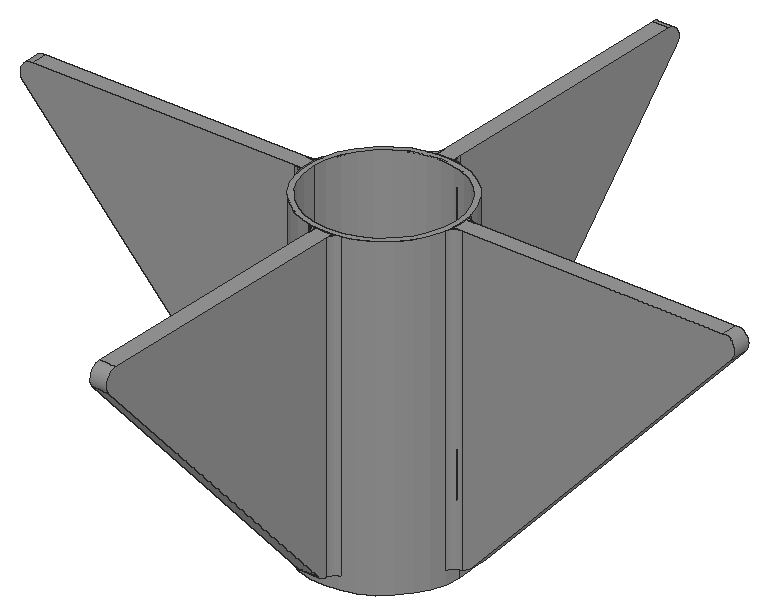
Revit family "SP4L6-238", category Site, Revit 2025
Family settings
  Round Connector Dimension = Use Diameter
  Part Type = Normal
  Work Plane-Based = No
  Always vertical = Yes
  Cut with Voids When Loaded = No
  Shared = No
Parameters (values of type "Postech-Vistech SP4L6-238")
  Dist Triangle Plate = 0' - 1 7/16"
  Dia int = 0' - 2 11/16"
  Dia ext = 0' - 2 7/8"
Reference planes (in)
  plane 1 "Center (Front/Back)": y = 0
  plane 2: z = 0
  plane 3 "Center (Left/Right)": x = 0
Forms (in)
  Extrusion 1, solid, material "Galvanized"
    sketch origin (0, 0, 0) x (1, 0, 0) y (0, 1, 0)
      loop
        circle (0, 0) r 1.4375
      loop
        circle (0, 0) r 1.34375
    from 0 to 6
  Extrusion 2, solid, material "Galvanized"
    sketch origin (0, 0.56457, 0) x (0, 1, 0) y (0, 0, 1)
      loop
        line (0.87293, 6) -> (0.87293, 0.25) -> (0.95958, 0.25)
        arc (0.95958, 0.25) -> (1.10942, 0.28112) -> (1.23447, 0.36933) r 0.3763
        line (1.23447, 0.36933) -> (6.13962, 5.6167)
        arc (6.13962, 5.6167) -> (6.18216, 5.86293) -> (5.97323, 6) r 0.22776
        line (5.97323, 6) -> (0.87293, 6)
    from -0.15625 to 0.15625
  Extrusion 3, solid, material "Galvanized"
    sketch origin (0, -0.5625, 0) x (0, -1, 0) y (0, 0, -1)
      loop
        line (0.875, -6) -> (5.97531, -6)
        arc (5.97531, -6) -> (6.18424, -5.86293) -> (6.1417, -5.6167) r 0.22776
        line (6.1417, -5.6167) -> (1.23655, -0.36933)
        arc (1.23655, -0.36933) -> (1.11149, -0.28112) -> (0.96165, -0.25) r 0.3763
        line (0.96165, -0.25) -> (0.875, -0.25) -> (0.875, -6)
    from -0.15625 to 0.15625
  Extrusion 4, solid, material "Galvanized"
    sketch origin (0.00309, -0.00132, 0) x (1, 0, 0) y (0, 0, 1)
      loop
        line (1.43441, 6) -> (1.43441, 0.25) -> (1.52106, 0.25)
        arc (1.52106, 0.25) -> (1.6709, 0.28112) -> (1.79595, 0.36933) r 0.3763
        line (1.79595, 0.36933) -> (6.7011, 5.6167)
        arc (6.7011, 5.6167) -> (6.74364, 5.86293) -> (6.53471, 6) r 0.22776
        line (6.53471, 6) -> (1.43441, 6)
    from -0.15625 to 0.15625
  Extrusion 5, solid, material "Galvanized"
    sketch origin (-0.5625, 0, 0) x (-1, 0, 0) y (0, 0, -1)
      loop
        line (0.875, -6) -> (5.97531, -6)
        arc (5.97531, -6) -> (6.18424, -5.86293) -> (6.1417, -5.6167) r 0.22776
        line (6.1417, -5.6167) -> (1.23655, -0.36933)
        arc (1.23655, -0.36933) -> (1.11149, -0.28112) -> (0.96165, -0.25) r 0.3763
        line (0.96165, -0.25) -> (0.875, -0.25) -> (0.875, -6)
    from -0.15625 to 0.15625
  Sweep 6, solid, material "Galvanized"
    path in 3D
      loop
        line (1.4375, -0.15757, 6) -> (1.4375, -0.15757, 0.25)
    profile origin (1.4375, -0.15757, 3.125) x (-1, 0, 0) y (0, -1, 0)
      loop
        arc (0.03416, 0.15396) -> (-0.0347, 0.04325) -> (-0.1577, 0) r 0.19653
        line (-0.1577, 0) -> (0, 0) -> (0.03416, 0.15396)
  Sweep 7, solid, material "Galvanized"
    path in 3D
      loop
        line (-1.4375, -0.15625, 0.25) -> (-1.4375, -0.15625, 6)
    profile origin (-1.4375, -0.15625, 3.125) x (0, -1, 0) y (1, 0, 0)
      loop
        line (0.1547, 0.03288) -> (0, 0) -> (0, -0.15816)
        arc (0, -0.15816) -> (0.04353, -0.03525) -> (0.1547, 0.03288) r 0.19531
  Sweep 8, solid, material "Galvanized"
    path in 3D
      loop
        line (1.4375, 0.15493, 0.25) -> (1.4375, 0.15493, 6)
    profile origin (1.4375, 0.15493, 3.125) x (0, 1, 0) y (-1, 0, 0)
      loop
        arc (0, -0.15368) -> (0.04182, -0.0329) -> (0.14936, 0.03615) r 0.19531
        line (0.14936, 0.03615) -> (0, 0) -> (0, -0.15368)
  Sweep 9, solid, material "Galvanized"
    path in 3D
      loop
        line (-1.4375, 0.15625, 6) -> (-1.4375, 0.15625, 0.25)
    profile origin (-1.4375, 0.15625, 3.125) x (1, 0, 0) y (0, 1, 0)
      loop
        line (-0.15457, 0) -> (0, 0) -> (0.03552, 0.15043)
        arc (0.03552, 0.15043) -> (-0.03336, 0.04216) -> (-0.15457, 0) r 0.19531
  Sweep 10, solid, material "Galvanized"
    path in 3D
      loop
        line (-0.15625, 1.4375, 0.25) -> (-0.15625, 1.4375, 6)
    profile origin (-0.15625, 1.4375, 3.125) x (0, 1, 0) y (-1, 0, 0)
      loop
        line (-0.03586, 0.14986) -> (0, 0) -> (0.15409, 0)
        arc (0.15409, 0) -> (0.03312, 0.04198) -> (-0.03586, 0.14986) r 0.19531
  Sweep 11, solid, material "Galvanized"
    path in 3D
      loop
        line (-0.15625, -1.4375, 6) -> (-0.15625, -1.4375, 0.25)
    profile origin (-0.15625, -1.4375, 3.125) x (-1, 0, 0) y (0, -1, 0)
      loop
        line (0, 0.15536) -> (0, 0) -> (0.15138, -0.03495)
        arc (0.15138, -0.03495) -> (0.04246, 0.03377) -> (0, 0.15536) r 0.19531
  Sweep 12, solid, material "Galvanized"
    path in 3D
      loop
        line (0.15625, -1.4375, 0.25) -> (0.15625, -1.4375, 6)
    profile origin (0.15625, -1.4375, 3.125) x (0, -1, 0) y (1, 0, 0)
      loop
        arc (0.1541, 0) -> (0.03312, 0.04198) -> (-0.03585, 0.14988) r 0.19531
        line (-0.03585, 0.14988) -> (0, 0) -> (0.1541, 0)
  Sweep 13, solid, material "Galvanized"
    path in 3D
      loop
        line (0.15625, 1.4375, 6) -> (0.15625, 1.4375, 0.25)
    profile origin (0.15625, 1.4375, 3.125) x (1, 0, 0) y (0, 1, 0)
      loop
        arc (0.15138, -0.03495) -> (0.04246, 0.03377) -> (0, 0.15536) r 0.19531
        line (0, 0.15536) -> (0, 0) -> (0.15138, -0.03495)
Lines and regions (in)
  sketch lines
    curve 1: line (1.4375, -0.15757, 6) -> (1.4375, -0.15757, 0.25)
    curve 2: line (-1.4375, -0.15625, 0.25) -> (-1.4375, -0.15625, 6)
    curve 3: line (1.4375, 0.15493, 0.25) -> (1.4375, 0.15493, 6)
    curve 4: line (-1.4375, 0.15625, 6) -> (-1.4375, 0.15625, 0.25)
    curve 5: line (-0.15625, 1.4375, 0.25) -> (-0.15625, 1.4375, 6)
    curve 6: line (-0.15625, -1.4375, 6) -> (-0.15625, -1.4375, 0.25)
    curve 7: line (0.15625, -1.4375, 0.25) -> (0.15625, -1.4375, 6)
    curve 8: line (0.15625, 1.4375, 6) -> (0.15625, 1.4375, 0.25)
Dimensions and locks (in)
  Extrusion 2 sketch curve to Extrusion 2 sketch curve = 0' - 5 3/4"
  "Dist Triangle Plate": Extrusion 5 to plane 3 "Center (Left/Right)"
  "Dist Triangle Plate": plane 3 "Center (Left/Right)" to Extrusion 4
  "Dist Triangle Plate": plane 1 "Center (Front/Back)" to Extrusion 2
  "Dist Triangle Plate": Extrusion 3 to plane 1 "Center (Front/Back)"
  "Dia ext": diameter of Extrusion 1 sketch curve
  "Dia int": diameter of Extrusion 1 sketch curve
Automatic sketch dimensions
  plane 1 "Center (Front/Back)" to Extrusion 3 sketch curve = 0' - 1 7/16"
  Extrusion 3 sketch curve to Extrusion 3 sketch curve = 0' - 0.08665"
  level to Extrusion 3 sketch curve = 0' - 0.36933"
  Extrusion 3 sketch curve to Extrusion 3 sketch curve = 0' - 0.2749"
  Extrusion 3 sketch curve to Extrusion 3 sketch curve = 0' - 5.10031"
  Extrusion 3 sketch curve to Extrusion 3 sketch curve = 0' - 0.16639"
  Extrusion 3 sketch curve to Extrusion 3 sketch curve = 0' - 0.25697"
  level to Extrusion 3 sketch curve = 0' - 5.6167"
  Extrusion 3 sketch curve to Extrusion 3 sketch curve = 0' - 0.15554"
  plane 3 "Center (Left/Right)" to Extrusion 4 sketch curve = 0' - 1 7/16"
  Extrusion 4 sketch curve to Extrusion 4 sketch curve = 0' - 0.08665"
  level to Extrusion 4 sketch curve = 0' - 0.36933"
  Extrusion 4 sketch curve to Extrusion 4 sketch curve = 0' - 0.2749"
  Extrusion 4 sketch curve to Extrusion 4 sketch curve = 0' - 5.10031"
  Extrusion 4 sketch curve to Extrusion 4 sketch curve = 0' - 0.16639"
  level to Extrusion 4 sketch curve = 0' - 0 1/4"
  level to Extrusion 4 sketch curve = 0' - 5.6167"
  Extrusion 4 sketch curve to Extrusion 4 sketch curve = 0' - 0.15554"
  Extrusion 5 sketch curve to plane 3 "Center (Left/Right)" = 0' - 1 7/16"
  Extrusion 5 sketch curve to Extrusion 5 sketch curve = 0' - 0.08665"
  level to Extrusion 5 sketch curve = 0' - 0.36933"
  Extrusion 5 sketch curve to Extrusion 5 sketch curve = 0' - 0.2749"
  Extrusion 5 sketch curve to Extrusion 5 sketch curve = 0' - 5.10031"
  Extrusion 5 sketch curve to Extrusion 5 sketch curve = 0' - 0.16639"
  Extrusion 5 sketch curve to Extrusion 5 sketch curve = 0' - 0.25697"
  level to Extrusion 5 sketch curve = 0' - 5.6167"
  Extrusion 5 sketch curve to Extrusion 5 sketch curve = 0' - 0.15554"
  Extrusion 2 sketch curve to plane 1 "Center (Front/Back)" = 0' - 1 7/16"
  Extrusion 2 sketch curve to Extrusion 2 sketch curve = 0' - 0.08665"
  level to Extrusion 2 sketch curve = 0' - 0.36933"
  Extrusion 2 sketch curve to Extrusion 2 sketch curve = 0' - 0.2749"
  Extrusion 2 sketch curve to Extrusion 2 sketch curve = 0' - 5.10031"
  level to Extrusion 2 sketch curve = 0' - 5.6167"
  Extrusion 2 sketch curve to Extrusion 2 sketch curve = 0' - 0.16639"
  level to Extrusion 2 sketch curve = 0' - 0 1/4"
  Sweep 6 sketch curve to profile plane = 0' - 0"  (x2)
  Sweep 6 sketch curve to profile plane = 0' - 0.1577"
  Sweep 6 sketch curve to profile plane = 0' - 0.19653"
  profile plane to Sweep 6 sketch curve = 0' - 0.03416"
  Sweep 7 sketch curve to profile plane = 0' - 0"  (x2)
  profile plane to Sweep 7 sketch curve = 0' - 0.03288"
  Sweep 7 sketch curve to profile plane = 0' - 0.1547"
  Sweep 7 sketch curve to profile plane = 0' - 0.15816"
  profile plane to Sweep 8 sketch curve = 0' - 0"
  Sweep 8 sketch curve to profile plane = 0' - 0"
  Sweep 8 sketch curve to profile plane = 0' - 0 25/128"
  Sweep 8 sketch curve to profile plane = 0' - 0.15368"
  profile plane to Sweep 8 sketch curve = 0' - 0.03615"
  profile plane to Sweep 9 sketch curve = 0' - 0"
  Sweep 9 sketch curve to profile plane = 0' - 0"
  Sweep 9 sketch curve to profile plane = 0' - 0.15457"
  profile plane to Sweep 9 sketch curve = 0' - 0.03552"
  Sweep 9 sketch curve to profile plane = 0' - 0.15043"
  profile plane to Sweep 10 sketch curve = 0' - 0"
  Sweep 10 sketch curve to profile plane = 0' - 0"
  Sweep 10 sketch curve to profile plane = 0' - 0.15409"
  Sweep 10 sketch curve to Sweep 10 sketch curve = 0' - 0 25/128"
  profile plane to Sweep 10 sketch curve = 0' - 0.03586"
  Sweep 11 sketch curve to profile plane = 0' - 0"  (x2)
  Sweep 11 sketch curve to Sweep 11 sketch curve = 0' - 0 25/128"
  Sweep 11 sketch curve to profile plane = 0' - 0.15536"
  profile plane to Sweep 11 sketch curve = 0' - 0.03495"
  Sweep 12 sketch curve to profile plane = 0' - 0"  (x2)
  Sweep 12 sketch curve to profile plane = 0' - 0.1541"
  Sweep 12 sketch curve to Sweep 12 sketch curve = 0' - 0 25/128"
  profile plane to Sweep 12 sketch curve = 0' - 0.03585"
  profile plane to Sweep 13 sketch curve = 0' - 0"
  Sweep 13 sketch curve to profile plane = 0' - 0"
  Sweep 13 sketch curve to Sweep 13 sketch curve = 0' - 0 25/128"
  Sweep 13 sketch curve to profile plane = 0' - 0.15536"
  profile plane to Sweep 13 sketch curve = 0' - 0.03495"
  Extrusion 1 sketch curve to Extrusion 1 sketch curve = 0' - 0"  (x2)
  plane 1 "Center (Front/Back)" to Extrusion 1 sketch curve = 0' - 0"
  Extrusion 1 sketch curve to plane 3 "Center (Left/Right)" = 0' - 0"
